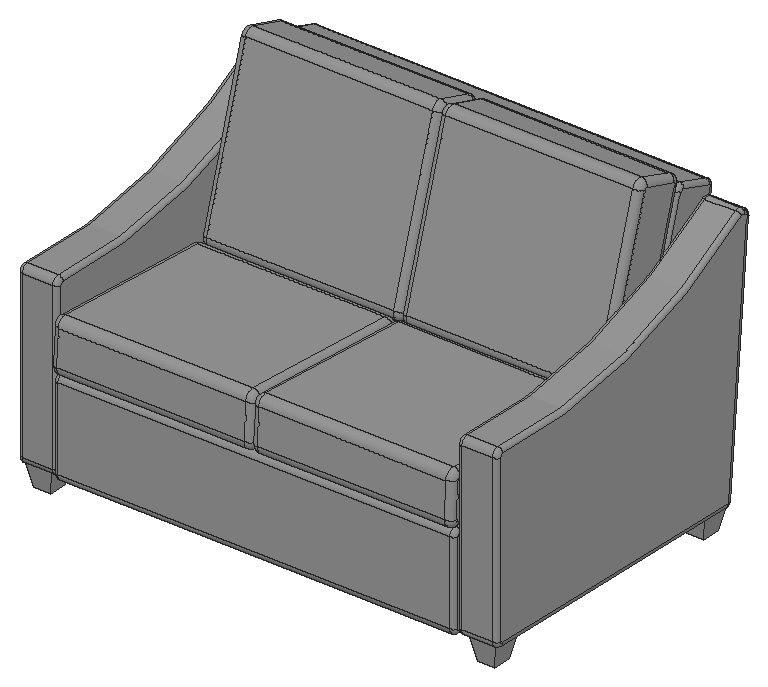
Revit family "Tiffen", category Furniture, Revit 2020
Family settings
  OmniClass Number = 23.40.20.00
  OmniClass Title = General Furniture and Specialties
  Work Plane-Based = No
  Always vertical = Yes
  Cut with Voids When Loaded = No
  Shared = No
  Room Calculation Point = No
Parameters (values of type "Loveseat")
  Seat Width = 46"
  Seat Depth = 21"
  Foot Finish [instance] = Wood (Oak)
  Default Elevation = 0"
  Cushion Width = 23"
  Cushion Fabric [instance] = Fabric
  Depth = 37"
  Cushion 2 = yes
  Base Fabric [instance] = Fabric
  Back Fabric [instance] = Fabric
  Arm Style = Tiffen Sloped Arm : Tiffen Sloped Arm
  Arm Fabric [instance] = Fabric
Types (3): name | Seat Width | Cushion 2 | Arm Style
  Chair-Sloped Arm | 23" | no | Tiffen Sloped Arm : Tiffen Sloped Arm
  Loveseat | 46" | yes | Tiffen Sloped Arm : Tiffen Sloped Arm
  Chair-Arched Arm | 23" | no | Tiffen Arched Arm : Tiffen Arched Arm
Reference planes (in)
  plane 1 "Center Front/Back": y = 0
  plane 2: z = 0
  plane 3 "Center Left/Right": x = 0
  plane 4: x = -10
  plane 5: x = 36
  plane 6: y = -10.5
  plane 7: y = 10.5
  plane 8 "A.F.F": z = 2.5
  plane 9: z = 13.5
  plane 10 "Seat Height": z = 19.5
  plane 11: y = 26.5
  plane 12: x = 40.5
  plane 13: x = -14.5
  plane 14 "Back Height": z = 38.5
  plane 15 "T.O. Arm": z = 26
Forms (in)
  Extrusion 1, solid, material "Fabric" <- "Base Fabric"
    sketch origin (0, 0, 0) x (0, 1, 0) y (0, 0, 1)
      loop
        line (9.78925, 12.43669) -> (-9.71075, 13.45864)
        arc (-9.71075, 13.45864) -> (-10.26627, 13.2537) -> (-10.5, 12.70966) r 0.75
        line (-10.5, 12.70966) -> (-10.5, 3.25)
        arc (-10.5, 3.25) -> (-10.28033, 2.71967) -> (-9.75, 2.5) r 0.75
        line (-9.75, 2.5) -> (9.75, 2.5)
        arc (9.75, 2.5) -> (10.28033, 2.71967) -> (10.5, 3.25) r 0.75
        line (10.5, 3.25) -> (10.5, 11.68771)
        arc (10.5, 11.68771) -> (10.29403, 12.20398) -> (9.78925, 12.43669) r 0.75
    from -10 to 36
  Sweep 2, void
    path in 3D
      loop
        arc (36, -9.71075, 13.45864) -> (36, -10.26627, 13.2537) -> (36, -10.5, 12.70966) r 0.75
        line (36, -10.5, 12.70966) -> (36, -10.5, 3.25)
        arc (36, -10.5, 3.25) -> (36, -10.28033, 2.71967) -> (36, -9.75, 2.5) r 0.75
        line (36, -9.75, 2.5) -> (36, 9.75, 2.5)
        arc (36, 9.75, 2.5) -> (36, 10.28033, 2.71967) -> (36, 10.5, 3.25) r 0.75
        line (36, 10.5, 3.25) -> (36, 10.5, 11.68771)
        arc (36, 10.5, 11.68771) -> (36, 10.29403, 12.20398) -> (36, 9.78925, 12.43669) r 0.75
        line (36, 9.78925, 12.43669) -> (36, -9.71075, 13.45864)
    profile "Profile_Parametric Radius : .5" radius" origin (36, 0.03925, 12.94766) x (0, -0.052336, -0.99863) y (1, 0, 0)
      loop
        line (0.5, 0) -> (0, 0) -> (0, -0.5)
        arc (0, -0.5) -> (0.14645, -0.14645) -> (0.5, 0) r 0.5
  Sweep 3, void
    path in 3D
      loop
        arc (-10, 9.78925, 12.43669) -> (-10, 10.29403, 12.20398) -> (-10, 10.5, 11.68771) r 0.75
        line (-10, 10.5, 11.68771) -> (-10, 10.5, 3.25)
        arc (-10, 10.5, 3.25) -> (-10, 10.28033, 2.71967) -> (-10, 9.75, 2.5) r 0.75
        line (-10, 9.75, 2.5) -> (-10, -9.75, 2.5)
        arc (-10, -9.75, 2.5) -> (-10, -10.28033, 2.71967) -> (-10, -10.5, 3.25) r 0.75
        line (-10, -10.5, 3.25) -> (-10, -10.5, 12.70966)
        arc (-10, -10.5, 12.70966) -> (-10, -10.26627, 13.2537) -> (-10, -9.71075, 13.45864) r 0.75
        line (-10, -9.71075, 13.45864) -> (-10, 9.78925, 12.43669)
    profile "Profile_Parametric Radius : .5" radius" origin (-10, 0.03925, 12.94766) x (0, -0.052336, -0.99863) y (-1, 0, 0)
      loop
        line (0.5, 0) -> (0, 0) -> (0, -0.5)
        arc (0, -0.5) -> (0.14645, -0.14645) -> (0.5, 0) r 0.5
  Extrusion 4, solid, material "Fabric" <- "Back Fabric"
    sketch origin (0, 0, 0) x (0, 1, 0) y (0, 0, 1)
      loop
        line (11.25, 2.5) -> (23.1086, 2.5)
        arc (23.1086, 2.5) -> (23.61324, 2.69517) -> (23.85524, 3.1791) r 0.75
        line (23.85524, 3.1791) -> (26.66966, 32.81601)
        arc (26.66966, 32.81601) -> (26.54635, 33.304) -> (26.1423, 33.60414) r 0.75
        line (26.1423, 33.60414) -> (22.49976, 34.71778)
        arc (22.49976, 34.71778) -> (21.92838, 34.66276) -> (21.56325, 34.21983) r 0.75
        line (21.56325, 34.21983) -> (16.14227, 16.4886)
        arc (16.14227, 16.4886) -> (15.77136, 16.04262) -> (15.19328, 15.99458) r 0.75
        line (15.19328, 15.99458) -> (11.80902, 17.0942)
        arc (11.80902, 17.0942) -> (10.91221, 16.95216) -> (10.5, 16.14314) r 1
        line (10.5, 16.14314) -> (10.5, 3.25)
        arc (10.5, 3.25) -> (10.71967, 2.71967) -> (11.25, 2.5) r 0.75
    from -10 to 36
  Sweep 5, void
    path in 3D
      loop
        arc (-10, 23.85524, 3.1791) -> (-10, 23.61324, 2.69517) -> (-10, 23.1086, 2.5) r 0.75
        line (-10, 23.1086, 2.5) -> (-10, 11.25, 2.5)
        arc (-10, 11.25, 2.5) -> (-10, 10.71967, 2.71967) -> (-10, 10.5, 3.25) r 0.75
        line (-10, 10.5, 3.25) -> (-10, 10.5, 16.14314)
        arc (-10, 10.5, 16.14314) -> (-10, 10.91221, 16.95216) -> (-10, 11.80902, 17.0942) r 1
        line (-10, 11.80902, 17.0942) -> (-10, 15.19328, 15.99458)
        arc (-10, 15.19328, 15.99458) -> (-10, 15.77136, 16.04262) -> (-10, 16.14227, 16.4886) r 0.75
        line (-10, 16.14227, 16.4886) -> (-10, 21.56325, 34.21983)
        arc (-10, 21.56325, 34.21983) -> (-10, 21.92838, 34.66276) -> (-10, 22.49976, 34.71778) r 0.75
        line (-10, 22.49976, 34.71778) -> (-10, 26.1423, 33.60414)
        arc (-10, 26.1423, 33.60414) -> (-10, 26.54635, 33.304) -> (-10, 26.66966, 32.81601) r 0.75
        line (-10, 26.66966, 32.81601) -> (-10, 23.85524, 3.1791)
    profile "Profile_Parametric Radius : .5" radius" origin (-10, 25.26245, 17.99755) x (0, -0.995521, 0.094538) y (-1, 0, 0)
      loop
        line (0.5, 0) -> (0, 0) -> (0, -0.5)
        arc (0, -0.5) -> (0.14645, -0.14645) -> (0.5, 0) r 0.5
  Sweep 6, void
    path in 3D
      loop
        arc (36, 22.49976, 34.71778) -> (36, 21.92838, 34.66276) -> (36, 21.56325, 34.21983) r 0.75
        line (36, 21.56325, 34.21983) -> (36, 16.14227, 16.4886)
        arc (36, 16.14227, 16.4886) -> (36, 15.77136, 16.04262) -> (36, 15.19328, 15.99458) r 0.75
        line (36, 15.19328, 15.99458) -> (36, 11.80902, 17.0942)
        arc (36, 11.80902, 17.0942) -> (36, 10.91221, 16.95216) -> (36, 10.5, 16.14314) r 1
        line (36, 10.5, 16.14314) -> (36, 10.5, 3.25)
        arc (36, 10.5, 3.25) -> (36, 10.71967, 2.71967) -> (36, 11.25, 2.5) r 0.75
        line (36, 11.25, 2.5) -> (36, 23.1086, 2.5)
        arc (36, 23.1086, 2.5) -> (36, 23.61324, 2.69517) -> (36, 23.85524, 3.1791) r 0.75
        line (36, 23.85524, 3.1791) -> (36, 26.66966, 32.81601)
        arc (36, 26.66966, 32.81601) -> (36, 26.54635, 33.304) -> (36, 26.1423, 33.60414) r 0.75
        line (36, 26.1423, 33.60414) -> (36, 22.49976, 34.71778)
    profile "Profile_Parametric Radius : .5" radius" origin (36, 24.32103, 34.16096) x (0, -0.292372, -0.956305) y (1, 0, 0)
      loop
        line (0.5, 0) -> (0, 0) -> (0, -0.5)
        arc (0, -0.5) -> (0.14645, -0.14645) -> (0.5, 0) r 0.5
Cuts and joins
  Sweep 2, Sweep 3 cuts Extrusion 1
  Sweep 5, Sweep 6 cuts Extrusion 4
Lines and regions (in)
  sketch lines
    curve 1: line (36, 9.78925, 12.43669) -> (36, -9.71075, 13.45864)
    curve 2: arc (36, -10.5, 12.70966) -> (36, -10.26627, 13.2537) -> (36, -9.71075, 13.45864) r 0.75
    curve 3: line (36, -10.5, 12.70966) -> (36, -10.5, 3.25)
    curve 4: arc (36, -9.75, 2.5) -> (36, -10.28033, 2.71967) -> (36, -10.5, 3.25) r 0.75
    curve 5: line (36, -9.75, 2.5) -> (36, 9.75, 2.5)
    curve 6: arc (36, 10.5, 3.25) -> (36, 10.28033, 2.71967) -> (36, 9.75, 2.5) r 0.75
    curve 7: line (36, 10.5, 3.25) -> (36, 10.5, 11.68771)
    curve 8: arc (36, 9.78925, 12.43669) -> (36, 10.29403, 12.20398) -> (36, 10.5, 11.68771) r 0.75
    curve 9: line (-10, -9.71075, 13.45864) -> (-10, 9.78925, 12.43669)
    curve 10: arc (-10, -9.71075, 13.45864) -> (-10, -10.26627, 13.2537) -> (-10, -10.5, 12.70966) r 0.75
    curve 11: line (-10, -10.5, 3.25) -> (-10, -10.5, 12.70966)
    curve 12: arc (-10, -10.5, 3.25) -> (-10, -10.28033, 2.71967) -> (-10, -9.75, 2.5) r 0.75
    curve 13: line (-10, 9.75, 2.5) -> (-10, -9.75, 2.5)
    curve 14: arc (-10, 9.75, 2.5) -> (-10, 10.28033, 2.71967) -> (-10, 10.5, 3.25) r 0.75
    curve 15: line (-10, 10.5, 11.68771) -> (-10, 10.5, 3.25)
    curve 16: arc (-10, 10.5, 11.68771) -> (-10, 10.29403, 12.20398) -> (-10, 9.78925, 12.43669) r 0.75
    curve 17: line (-10, 26.66966, 32.81601) -> (-10, 23.85524, 3.1791)
    curve 18: arc (-10, 26.66966, 32.81601) -> (-10, 26.54635, 33.304) -> (-10, 26.1423, 33.60414) r 0.75
    curve 19: line (-10, 22.49976, 34.71778) -> (-10, 26.1423, 33.60414)
    curve 20: arc (-10, 22.49976, 34.71778) -> (-10, 21.92838, 34.66276) -> (-10, 21.56325, 34.21983) r 0.75
    curve 21: line (-10, 16.14227, 16.4886) -> (-10, 21.56325, 34.21983)
    curve 22: arc (-10, 16.14227, 16.4886) -> (-10, 15.77136, 16.04262) -> (-10, 15.19328, 15.99458) r 0.75
    curve 23: line (-10, 11.80902, 17.0942) -> (-10, 15.19328, 15.99458)
    curve 24: arc (-10, 11.80902, 17.0942) -> (-10, 10.91221, 16.95216) -> (-10, 10.5, 16.14314) r 1
    curve 25: line (-10, 10.5, 3.25) -> (-10, 10.5, 16.14314)
    curve 26: arc (-10, 10.5, 3.25) -> (-10, 10.71967, 2.71967) -> (-10, 11.25, 2.5) r 0.75
    curve 27: line (-10, 23.1086, 2.5) -> (-10, 11.25, 2.5)
    curve 28: arc (-10, 23.1086, 2.5) -> (-10, 23.61324, 2.69517) -> (-10, 23.85524, 3.1791) r 0.75
    curve 29: line (36, 26.1423, 33.60414) -> (36, 22.49976, 34.71778)
    curve 30: arc (36, 26.1423, 33.60414) -> (36, 26.54635, 33.304) -> (36, 26.66966, 32.81601) r 0.75
    curve 31: line (36, 23.85524, 3.1791) -> (36, 26.66966, 32.81601)
    curve 32: arc (36, 23.85524, 3.1791) -> (36, 23.61324, 2.69517) -> (36, 23.1086, 2.5) r 0.75
    curve 33: line (36, 11.25, 2.5) -> (36, 23.1086, 2.5)
    curve 34: arc (36, 11.25, 2.5) -> (36, 10.71967, 2.71967) -> (36, 10.5, 3.25) r 0.75
    curve 35: line (36, 10.5, 16.14314) -> (36, 10.5, 3.25)
    curve 36: arc (36, 10.5, 16.14314) -> (36, 10.91221, 16.95216) -> (36, 11.80902, 17.0942) r 1
    curve 37: line (36, 15.19328, 15.99458) -> (36, 11.80902, 17.0942)
    curve 38: arc (36, 15.19328, 15.99458) -> (36, 15.77136, 16.04262) -> (36, 16.14227, 16.4886) r 0.75
    curve 39: line (36, 21.56325, 34.21983) -> (36, 16.14227, 16.4886)
    curve 40: arc (36, 21.56325, 34.21983) -> (36, 21.92838, 34.66276) -> (36, 22.49976, 34.71778) r 0.75
Dimensions and locks (in)
  equal spacing: plane 7, plane 1 "Center Front/Back", plane 6
  "Seat Depth": plane 7 to plane 6
  plane 8 "A.F.F" to plane 2 = 2 1/2"
  plane 14 "Back Height" to plane 2 = 38 1/2"
  plane 10 "Seat Height" to plane 2 = 19 1/2"
  plane 15 "T.O. Arm" to plane 2 = 26"  (x2)
  locked: plane 13 to plane 4 at 4.5
  locked: plane 5 to plane 12 at 4.5
  "Seat Width": plane 4 to plane 5
  locked: plane 11 to nested 2 at 4.5
  locked: plane 11 to nested 5 at 4.5
  locked: plane 13 to nested 3 at 2
  locked: plane 13 to nested 2 at 2
  locked: nested 5 to plane 12 at 2
  locked: nested 4 to plane 12 at 2
  plane 11 to plane 6 = 37"
  aligned and locked: level to plane 2
  aligned and locked: plane 5 to Extrusion 1
  aligned and locked: Extrusion 1 to plane 4
  aligned and locked: plane 5 to Extrusion 4
  aligned and locked: Extrusion 4 to plane 4
  aligned and locked: plane 5 to nested 6
Automatic sketch dimensions
  Extrusion 1 sketch curve to plane 6 = 0"
  Extrusion 1 sketch curve to plane 8 "A.F.F" = 0"
  Extrusion 1 sketch curve to plane 7 = 0"
  plane 6 to Extrusion 1 sketch curve = 3/4"
  Extrusion 1 sketch curve to Extrusion 1 sketch curve = 3/4"  (x3)
  Extrusion 1 sketch curve to plane 9 = 0.04136"
  Extrusion 1 sketch curve to Extrusion 1 sketch curve = 0.03925"
  Extrusion 1 sketch curve to plane 7 = 0.71075"
  Extrusion 1 sketch curve to plane 9 = 1.81229"
  Extrusion 4 sketch curve to plane 7 = 0"
  Extrusion 4 sketch curve to plane 8 "A.F.F" = 0"
  plane 7 to Extrusion 4 sketch curve = 3/4"
  plane 7 to Extrusion 4 sketch curve = 1"
  Extrusion 4 sketch curve to Extrusion 4 sketch curve = 0.30902"
  Extrusion 4 sketch curve to Extrusion 4 sketch curve = 3.38427"
  Extrusion 4 sketch curve to Extrusion 4 sketch curve = 0.23176"
  plane 9 to Extrusion 4 sketch curve = 2.9886"
  Extrusion 4 sketch curve to Extrusion 4 sketch curve = 0.71723"  (x2)
  Extrusion 4 sketch curve to plane 11 = 4.93675"
  Extrusion 4 sketch curve to Extrusion 4 sketch curve = 0.21928"  (x2)
  plane 8 "A.F.F" to Extrusion 4 sketch curve = 3/4"
  Extrusion 4 sketch curve to plane 11 = 3.3914"
  plane 8 "A.F.F" to Extrusion 4 sketch curve = 0.6791"
  Extrusion 4 sketch curve to plane 11 = 0.57698"
  Extrusion 4 sketch curve to plane 11 = 0.3577"
  plane 11 to Extrusion 4 sketch curve = 0.16966"
  Extrusion 4 sketch curve to Extrusion 4 sketch curve = 0.49401"
  plane 9 to Extrusion 4 sketch curve = 2.64314"
  Extrusion 4 sketch curve to plane 14 "Back Height" = 5.68399"
  Extrusion 4 sketch curve to Extrusion 4 sketch curve = 0.0709"
  Extrusion 4 sketch curve to Extrusion 4 sketch curve = 1.11363"
Nested families (in)
  nested 1: "Tiffen Cushion" at (1.5, 0, 0), Unit Width <- "Cushion Width", Cushion Fabric <- "Cushion Fabric", type "Single Seat"
    with Unit Width 23", Cushion Fabric Fabric, Seat Depth 22"
  nested 2: "TF10" at (-12.5, 22, 0), Nested Leg Material 1 <- "Foot Finish", type "TF10"
  nested 3: "TF10" at (-12.5, -8, 0), Nested Leg Material 1 <- "Foot Finish", type "TF10"
  nested 4: "TF10" at (38.5, -8, 0), Nested Leg Material 1 <- "Foot Finish", type "TF10"
  nested 5: "TF10" at (38.5, 22, 0), Nested Leg Material 1 <- "Foot Finish", type "TF10"
  nested 6: "Tiffen Sloped Arm" at (25, 0, 0), Nested Arm Fabric <- "Arm Fabric", type <- "Arm Style", type "Tiffen Sloped Arm"
    with Nested Arm Fabric Fabric
  nested 7: "Tiffen Sloped Arm" at (-25.5, 0, 0), Nested Arm Fabric <- "Arm Fabric", type <- "Arm Style", type "Tiffen Sloped Arm"
    with Nested Arm Fabric Fabric
  nested 8: "Tiffen Cushion" at (24.5, 0, 0), Unit Width <- "Cushion Width", Cushion Fabric <- "Cushion Fabric", visible <- "Cushion 2", type "Single Seat"
    with Unit Width 23", Cushion Fabric Fabric, Seat Depth 22"
  nested 9: "Tiffen Back Cushion" at (24.5, 10.5, 0), Unit Width <- "Cushion Width", Cushion Fabric <- "Cushion Fabric", visible <- "Cushion 2", type "Single Seat"
    with Unit Width 23", Cushion Fabric Fabric
  nested 10: "Tiffen Back Cushion" at (1.5, 10.5, 0), Cushion Fabric <- "Cushion Fabric", Unit Width <- "Cushion Width", type "Single Seat"
    with Unit Width 23", Cushion Fabric Fabric
Definition of nested family "Tiffen Cushion"
  Parameters (values of type "Single Seat")
    Unit Width [instance] = 23"
    Seat Height = 19 1/2"
    Seat Depth = 21"
    Default Elevation = 0"
    Cushion Fabric [instance] = none
    Description = "Ridge S1 Unit 28\""
  Reference planes (in)
    plane 1 "Center Front/Back": y = 0
    plane 2: z = 0
    plane 3 "Center Left/Right": x = 0
    plane 4: x = 11.5
    plane 5: x = -11.5
    plane 6: y = 10.5
    plane 7: y = -10.5
    plane 8 "Seat Height": z = 19.5
    plane 9: z = 1.5
    plane 10: y = 23.5
    plane 11: z = 33
  Forms (in)
    Extrusion 1, solid, material <- "Cushion Fabric"
      sketch origin (0, -0.72035, -0.48572) x (0, 0.99863, -0.052336) y (0, 0.052336, 0.99863)
        loop
          arc (-9.5, 19.5) -> (-10.20711, 19.20711) -> (-10.5, 18.5) r 1
          line (-10.5, 18.5) -> (-10.5, 14.5)
          arc (-10.5, 14.5) -> (-10.20711, 13.79289) -> (-9.5, 13.5) r 1
          line (-9.5, 13.5) -> (9.5, 13.5)
          arc (9.5, 13.5) -> (10.20711, 13.79289) -> (10.5, 14.5) r 1
          line (10.5, 14.5) -> (10.5, 18.5)
          arc (10.5, 18.5) -> (10.20711, 19.20711) -> (9.5, 19.5) r 1
          line (9.5, 19.5) -> (-9.5, 19.5)
      from 11.5 to -11.5
    Sweep 2, void
      path in 3D
        loop
          arc (11.5, -9.18678, 19.48475) -> (11.5, -9.90825, 19.22927) -> (11.5, -10.23775, 18.53846) r 1
          line (11.5, -10.23775, 18.53846) -> (11.5, -10.44709, 14.54394)
          arc (11.5, -10.44709, 14.54394) -> (11.5, -10.19161, 13.82247) -> (11.5, -9.5008, 13.49297) r 1
          line (11.5, -9.5008, 13.49297) -> (11.5, 9.47316, 12.49859)
          arc (11.5, 9.47316, 12.49859) -> (11.5, 10.19463, 12.75407) -> (11.5, 10.52413, 13.44488) r 1
          line (11.5, 10.52413, 13.44488) -> (11.5, 10.73347, 17.4394)
          arc (11.5, 10.73347, 17.4394) -> (11.5, 10.47799, 18.16087) -> (11.5, 9.78718, 18.49037) r 1
          line (11.5, 9.78718, 18.49037) -> (11.5, -9.18678, 19.48475)
      profile "Profile_Parametric Radius : 3/4" radius" origin (11.5, 0.3002, 18.98756) x (1, 0, 0) y (0, 0.052336, 0.99863)
        loop
          arc (-0.75, 0) -> (-0.21967, -0.21967) -> (0, -0.75) r 0.75
          line (0, -0.75) -> (0, 0) -> (-0.75, 0)
    Sweep 3, void
      path in 3D
        loop
          arc (-11.5, 9.78718, 18.49037) -> (-11.5, 10.47799, 18.16087) -> (-11.5, 10.73347, 17.4394) r 1
          line (-11.5, 10.73347, 17.4394) -> (-11.5, 10.52413, 13.44488)
          arc (-11.5, 10.52413, 13.44488) -> (-11.5, 10.19463, 12.75407) -> (-11.5, 9.47316, 12.49859) r 1
          line (-11.5, 9.47316, 12.49859) -> (-11.5, -9.5008, 13.49297)
          arc (-11.5, -9.5008, 13.49297) -> (-11.5, -10.19161, 13.82247) -> (-11.5, -10.44709, 14.54394) r 1
          line (-11.5, -10.44709, 14.54394) -> (-11.5, -10.23775, 18.53846)
          arc (-11.5, -10.23775, 18.53846) -> (-11.5, -9.90825, 19.22927) -> (-11.5, -9.18678, 19.48475) r 1
          line (-11.5, -9.18678, 19.48475) -> (-11.5, 9.78718, 18.49037)
      profile "Profile_Parametric Radius : 3/4" radius" origin (-11.5, 0.3002, 18.98756) x (-1, 0, 0) y (0, 0.052336, 0.99863)
        loop
          arc (-0.75, 0) -> (-0.21967, -0.21967) -> (0, -0.75) r 0.75
          line (0, -0.75) -> (0, 0) -> (-0.75, 0)
  Cuts and joins
    Sweep 2, Sweep 3 cuts Extrusion 1
  Lines and regions (in)
    sketch lines
      curve 1: line (11.5, 9.78718, 18.49037) -> (11.5, -9.18678, 19.48475)
      curve 2: arc (11.5, -10.23775, 18.53846) -> (11.5, -9.90825, 19.22927) -> (11.5, -9.18678, 19.48475) r 1
      curve 3: line (11.5, -10.23775, 18.53846) -> (11.5, -10.44709, 14.54394)
      curve 4: arc (11.5, -9.5008, 13.49297) -> (11.5, -10.19161, 13.82247) -> (11.5, -10.44709, 14.54394) r 1
      curve 5: line (11.5, -9.5008, 13.49297) -> (11.5, 9.47316, 12.49859)
      curve 6: arc (11.5, 10.52413, 13.44488) -> (11.5, 10.19463, 12.75407) -> (11.5, 9.47316, 12.49859) r 1
      curve 7: line (11.5, 10.52413, 13.44488) -> (11.5, 10.73347, 17.4394)
      curve 8: arc (11.5, 9.78718, 18.49037) -> (11.5, 10.47799, 18.16087) -> (11.5, 10.73347, 17.4394) r 1
      curve 9: line (-11.5, -9.18678, 19.48475) -> (-11.5, 9.78718, 18.49037)
      curve 10: arc (-11.5, 10.73347, 17.4394) -> (-11.5, 10.47799, 18.16087) -> (-11.5, 9.78718, 18.49037) r 1
      curve 11: line (-11.5, 10.73347, 17.4394) -> (-11.5, 10.52413, 13.44488)
      curve 12: arc (-11.5, 9.47316, 12.49859) -> (-11.5, 10.19463, 12.75407) -> (-11.5, 10.52413, 13.44488) r 1
      curve 13: line (-11.5, 9.47316, 12.49859) -> (-11.5, -9.5008, 13.49297)
      curve 14: arc (-11.5, -10.44709, 14.54394) -> (-11.5, -10.19161, 13.82247) -> (-11.5, -9.5008, 13.49297) r 1
      curve 15: line (-11.5, -10.44709, 14.54394) -> (-11.5, -10.23775, 18.53846)
      curve 16: arc (-11.5, -9.18678, 19.48475) -> (-11.5, -9.90825, 19.22927) -> (-11.5, -10.23775, 18.53846) r 1
  Dimensions and locks (in)
    equal spacing: plane 6, plane 1 "Center Front/Back", plane 7
    "Unit Width": plane 5 to plane 4
    "Seat Depth": plane 6 to plane 7
    "Seat Height": plane 8 "Seat Height" to plane 2
    plane 9 to plane 2 = 1 1/2"
    plane 10 to plane 7 = 34"
    plane 11 to plane 2 = 33"
    equal spacing: plane 5, plane 3 "Center Left/Right", plane 4
    aligned and locked: level to plane 2
    aligned and locked: plane 4 to Extrusion 1
    aligned and locked: Extrusion 1 to plane 5
  Automatic sketch dimensions
    plane 7 to Extrusion 1 sketch curve = 0.05291"
    Extrusion 1 sketch curve to plane 8 "Seat Height" = 4.95606"
    Extrusion 1 sketch curve to Extrusion 1 sketch curve = 1"  (x3)
    Extrusion 1 sketch curve to Extrusion 1 sketch curve = 19"
    Extrusion 1 sketch curve to Extrusion 1 sketch curve = 0"
    Extrusion 1 sketch curve to Extrusion 1 sketch curve = 4"
Definition of nested family "TF10"
  Parameters (values of type "TF10")
    Nested Leg Material 1 [instance] = none
    Foot Top Width = 3"
    Foot Bottom Width = Foot Top Width - 1"  # 2"
    Default Elevation = 0"
  Reference planes (in)
    plane 1 "Center Front/Back": y = 0
    plane 2: z = 0
    plane 3 "Center Left/Right": x = 0
    plane 4: x = -1
    plane 5: x = 1
    plane 6: y = 1
    plane 7: y = -1
    plane 8: z = 2.5
    plane 9: y = 1.5
    plane 10: x = 1.5
    plane 11: y = -1.5
    plane 12: x = -1.5
  Forms (in)
    Blend 1, solid, material <- "Nested Leg Material 1"
      base sketch origin (0, 0, 0) x (1, 0, 0) y (0, 1, 0)
        loop
          line (-1, 1) -> (-1, -1) -> (1, -1) -> (1, 1) -> (-1, 1)
      top sketch origin (0, 0, 0) x (1, 0, 0) y (0, 1, 0)
        loop
          line (-1.5, 1.5) -> (-1.5, -1.5) -> (1.5, -1.5) -> (1.5, 1.5) -> (-1.5, 1.5)
      from 0 to 2.5
  Dimensions and locks (in)
    equal spacing: plane 4, plane 3 "Center Left/Right", plane 5
    "Foot Bottom Width": plane 4 to plane 5
    equal spacing: plane 6, plane 1 "Center Front/Back", plane 7
    "Foot Bottom Width": plane 6 to plane 7
    plane 8 to plane 2 = 2 1/2"
    equal spacing: plane 9, plane 1 "Center Front/Back", plane 11
    "Foot Top Width": plane 11 to plane 9
    equal spacing: plane 12, plane 3 "Center Left/Right", plane 10
    "Foot Top Width": plane 12 to plane 10
    aligned and locked: level to plane 2
    aligned and locked: Blend 1 sketch curve to plane 6
    aligned and locked: plane 4 to Blend 1 sketch curve
    aligned and locked: plane 7 to Blend 1 sketch curve
    aligned and locked: Blend 1 sketch curve to plane 5
    aligned and locked: Blend 1 sketch curve to plane 9
    aligned and locked: plane 12 to Blend 1 sketch curve
    aligned and locked: Blend 1 sketch curve to plane 11
    aligned and locked: Blend 1 sketch curve to plane 10
    aligned and locked: plane 8 to Blend 1
Definition of nested family "Tiffen Sloped Arm"
  Parameters (values of type "Tiffen Sloped Arm")
    Default Elevation = 0"
    Arm Width = 4 1/2"
    Nested Arm Fabric [instance] = none
    Arm Depth = 37"
  Reference planes (in)
    plane 1 "Center Front/Back": y = 0
    plane 2: z = 0
    plane 3: x = 11
    plane 4 "A.F.F": z = 2.5
    plane 5: y = 27
    plane 6 "T.O. Arm": z = 23
    plane 7: x = 15.5
    plane 8: y = -10
  Forms (in)
    Extrusion 1, solid, material <- "Nested Arm Fabric"
      sketch origin (0, 0, 0) x (0, 1, 0) y (0, 0, 1)
        loop
          line (-9.25, 2.5) -> (23.0321, 2.5)
          arc (23.0321, 2.5) -> (23.53708, 2.69548) -> (23.77883, 3.18001) r 0.75
          line (23.77883, 3.18001) -> (26.41991, 31.35771)
          arc (26.41991, 31.35771) -> (26.33943, 31.7721) -> (26.04789, 32.07739) r 0.75
          line (26.04789, 32.07739) -> (25.69843, 32.27894)
          arc (25.69843, 32.27894) -> (25.29157, 32.37856) -> (24.89474, 32.24444) r 0.75
          arc (24.89474, 32.24444) -> (8.65534, 24.64293) -> (-9.19335, 22.93266) r 52.64381
          arc (-9.19335, 22.93266) -> (-9.75991, 22.73479) -> (-10, 22.1848) r 0.75
          line (-10, 22.1848) -> (-10, 3.25)
          arc (-10, 3.25) -> (-9.78033, 2.71967) -> (-9.25, 2.5) r 0.75
      from 11 to 15.5
    Sweep 2, void
      path in 3D
        loop
          arc (15.5, 24.89474, 32.24444) -> (15.5, 25.29157, 32.37856) -> (15.5, 25.69843, 32.27894) r 0.75
          line (15.5, 25.69843, 32.27894) -> (15.5, 26.04789, 32.07739)
          arc (15.5, 26.04789, 32.07739) -> (15.5, 26.33943, 31.7721) -> (15.5, 26.41991, 31.35771) r 0.75
          line (15.5, 26.41991, 31.35771) -> (15.5, 23.77883, 3.18001)
          arc (15.5, 23.77883, 3.18001) -> (15.5, 23.53708, 2.69548) -> (15.5, 23.0321, 2.5) r 0.75
          line (15.5, 23.0321, 2.5) -> (15.5, -9.25, 2.5)
          arc (15.5, -9.25, 2.5) -> (15.5, -9.78033, 2.71967) -> (15.5, -10, 3.25) r 0.75
          line (15.5, -10, 3.25) -> (15.5, -10, 22.1848)
          arc (15.5, -10, 22.1848) -> (15.5, -9.75991, 22.73479) -> (15.5, -9.19335, 22.93266) r 0.75
          arc (15.5, -9.19335, 22.93266) -> (15.5, 8.65534, 24.64293) -> (15.5, 24.89474, 32.24444) r 52.64381
      profile "Profile_Parametric Radius : .5" radius" origin (15.5, 8.65534, 24.64293) x (0, -0.263513, 0.964656) y (1, 0, 0)
        loop
          arc (-0.5, 0) -> (-0.14645, -0.14645) -> (0, -0.5) r 0.5
          line (0, -0.5) -> (0, 0) -> (-0.5, 0)
    Sweep 3, void
      path in 3D
        loop
          arc (11, -9.19335, 22.93266) -> (11, -9.75991, 22.73479) -> (11, -10, 22.1848) r 0.75
          line (11, -10, 22.1848) -> (11, -10, 3.25)
          arc (11, -10, 3.25) -> (11, -9.78033, 2.71967) -> (11, -9.25, 2.5) r 0.75
          line (11, -9.25, 2.5) -> (11, 23.0321, 2.5)
          arc (11, 23.0321, 2.5) -> (11, 23.53708, 2.69548) -> (11, 23.77883, 3.18001) r 0.75
          line (11, 23.77883, 3.18001) -> (11, 26.41991, 31.35771)
          arc (11, 26.41991, 31.35771) -> (11, 26.33943, 31.7721) -> (11, 26.04789, 32.07739) r 0.75
          line (11, 26.04789, 32.07739) -> (11, 25.69843, 32.27894)
          arc (11, 25.69843, 32.27894) -> (11, 25.29157, 32.37856) -> (11, 24.89474, 32.24444) r 0.75
          arc (11, 24.89474, 32.24444) -> (11, 8.65534, 24.64293) -> (11, -9.19335, 22.93266) r 52.64381
      profile "Profile_Parametric Radius : .5" radius" origin (11, 8.65534, 24.64293) x (0, -0.263513, 0.964656) y (-1, 0, 0)
        loop
          arc (-0.5, 0) -> (-0.14645, -0.14645) -> (0, -0.5) r 0.5
          line (0, -0.5) -> (0, 0) -> (-0.5, 0)
  Cuts and joins
    Sweep 2, Sweep 3 cuts Extrusion 1
  Lines and regions (in)
    sketch lines
      curve 1: arc (15.5, -9.19335, 22.93266) -> (15.5, 8.65534, 24.64293) -> (15.5, 24.89474, 32.24444) r 52.64381
      curve 2: arc (15.5, -10, 22.1848) -> (15.5, -9.75991, 22.73479) -> (15.5, -9.19335, 22.93266) r 0.75
      curve 3: line (15.5, -10, 22.1848) -> (15.5, -10, 3.25)
      curve 4: arc (15.5, -9.25, 2.5) -> (15.5, -9.78033, 2.71967) -> (15.5, -10, 3.25) r 0.75
      curve 5: line (15.5, -9.25, 2.5) -> (15.5, 23.0321, 2.5)
      curve 6: arc (15.5, 23.77883, 3.18001) -> (15.5, 23.53708, 2.69548) -> (15.5, 23.0321, 2.5) r 0.75
      curve 7: line (15.5, 23.77883, 3.18001) -> (15.5, 26.41991, 31.35771)
      curve 8: arc (15.5, 26.04789, 32.07739) -> (15.5, 26.33943, 31.7721) -> (15.5, 26.41991, 31.35771) r 0.75
      curve 9: line (15.5, 26.04789, 32.07739) -> (15.5, 25.69843, 32.27894)
      curve 10: arc (15.5, 24.89474, 32.24444) -> (15.5, 25.29157, 32.37856) -> (15.5, 25.69843, 32.27894) r 0.75
      curve 11: arc (11, 24.89474, 32.24444) -> (11, 8.65534, 24.64293) -> (11, -9.19335, 22.93266) r 52.64381
      curve 12: line (11, 26.41991, 31.35771) -> (11, 23.77883, 3.18001)
      curve 13: arc (11, 23.0321, 2.5) -> (11, 23.53708, 2.69548) -> (11, 23.77883, 3.18001) r 0.75
      curve 14: line (11, 23.0321, 2.5) -> (11, -9.25, 2.5)
      curve 15: arc (11, -10, 3.25) -> (11, -9.78033, 2.71967) -> (11, -9.25, 2.5) r 0.75
      curve 16: line (11, -10, 3.25) -> (11, -10, 22.1848)
      curve 17: arc (11, -9.19335, 22.93266) -> (11, -9.75991, 22.73479) -> (11, -10, 22.1848) r 0.75
      curve 18: arc (11, 26.41991, 31.35771) -> (11, 26.33943, 31.7721) -> (11, 26.04789, 32.07739) r 0.75
      curve 19: line (11, 25.69843, 32.27894) -> (11, 26.04789, 32.07739)
      curve 20: arc (11, 25.69843, 32.27894) -> (11, 25.29157, 32.37856) -> (11, 24.89474, 32.24444) r 0.75
  Dimensions and locks (in)
    plane 4 "A.F.F" to plane 2 = 2 1/2"
    plane 6 "T.O. Arm" to plane 2 = 23"  (x2)
    "Arm Width": plane 3 to plane 7
    "Arm Depth": plane 5 to plane 8
    plane 1 "Center Front/Back" to plane 8 = 10"
    aligned and locked: level to plane 2
    aligned and locked: plane 7 to Extrusion 1
    aligned and locked: Extrusion 1 to plane 3
  Automatic sketch dimensions
    Extrusion 1 sketch curve to plane 8 = 0"
    Extrusion 1 sketch curve to plane 4 "A.F.F" = 0"
    plane 8 to Extrusion 1 sketch curve = 3/4"  (x2)
    plane 8 to Extrusion 1 sketch curve = 4.78299"
    Extrusion 1 sketch curve to plane 5 = 3.9679"
    plane 4 "A.F.F" to Extrusion 1 sketch curve = 0.68001"
    Extrusion 1 sketch curve to Extrusion 1 sketch curve = 0.74673"
    Extrusion 1 sketch curve to Extrusion 1 sketch curve = 0.34946"  (x2)
    Extrusion 1 sketch curve to Extrusion 1 sketch curve = 0.37471"
    Extrusion 1 sketch curve to plane 5 = 0.58009"
    Extrusion 1 sketch curve to plane 6 "T.O. Arm" = 0.8152"
    plane 6 "T.O. Arm" to Extrusion 1 sketch curve = 8.35771"
    Extrusion 1 sketch curve to Extrusion 1 sketch curve = 0.06999"
    Extrusion 1 sketch curve to Extrusion 1 sketch curve = 0.20155"  (x2)
    Extrusion 1 sketch curve to Extrusion 1 sketch curve = 0.64969"
    plane 6 "T.O. Arm" to Extrusion 1 sketch curve = 52.42608"
    Extrusion 1 sketch curve to Extrusion 1 sketch curve = 0"
Definition of nested family "Tiffen Back Cushion"
  Parameters (values of type "Single Seat")
    Unit Width [instance] = 23"
    Seat Height = 19 1/2"
    Seat Depth = 21"
    Default Elevation = 0"
    Cushion Fabric [instance] = none
    Description = "Ridge S1 Unit 28\""
  Reference planes (in)
    plane 1 "Center Front/Back": y = 0
    plane 2: z = 0
    plane 3 "Center Left/Right": x = 0
    plane 4: x = 11.5
    plane 5: x = -11.5
    plane 6: y = 10.5
    plane 7: y = -10.5
    plane 8 "Seat Height": z = 19.5
    plane 9: z = 1.5
    plane 10: y = 23.5
    plane 11: z = 33
  Forms (in)
    Extrusion 1, solid, material <- "Cushion Fabric"
      sketch origin (0, 21.45101, 21.94174) x (0, 0.292372, 0.956305) y (0, -0.956305, 0.292372)
        loop
          arc (-9.5, 19.5) -> (-10.20711, 19.20711) -> (-10.5, 18.5) r 1
          line (-10.5, 18.5) -> (-10.5, 14.5)
          arc (-10.5, 14.5) -> (-10.20711, 13.79289) -> (-9.5, 13.5) r 1
          line (-9.5, 13.5) -> (9.5, 13.5)
          arc (9.5, 13.5) -> (10.20711, 13.79289) -> (10.5, 14.5) r 1
          line (10.5, 14.5) -> (10.5, 18.5)
          arc (10.5, 18.5) -> (10.20711, 19.20711) -> (9.5, 19.5) r 1
          line (9.5, 19.5) -> (-9.5, 19.5)
      from 11.5 to -11.5
    Sweep 2, void
      path in 3D
        loop
          arc (11.5, 0.02553, 18.55809) -> (11.5, 0.09889, 17.79625) -> (11.5, 0.68946, 17.30941) r 1
          line (11.5, 0.68946, 17.30941) -> (11.5, 4.51468, 16.13993)
          arc (11.5, 4.51468, 16.13993) -> (11.5, 5.27653, 16.21328) -> (11.5, 5.76336, 16.80386) r 1
          line (11.5, 5.76336, 16.80386) -> (11.5, 11.31842, 34.97365)
          arc (11.5, 11.31842, 34.97365) -> (11.5, 11.24507, 35.73549) -> (11.5, 10.65449, 36.22233) r 1
          line (11.5, 10.65449, 36.22233) -> (11.5, 6.82927, 37.39181)
          arc (11.5, 6.82927, 37.39181) -> (11.5, 6.06743, 37.31846) -> (11.5, 5.58059, 36.72788) r 1
          line (11.5, 5.58059, 36.72788) -> (11.5, 0.02553, 18.55809)
      profile "Profile_Parametric Radius : 3/4" radius" origin (11.5, 2.80306, 27.64299) x (1, 0, 0) y (0, -0.956305, 0.292372)
        loop
          arc (-0.75, 0) -> (-0.21967, -0.21967) -> (0, -0.75) r 0.75
          line (0, -0.75) -> (0, 0) -> (-0.75, 0)
    Sweep 3, void
      path in 3D
        loop
          arc (-11.5, 5.58059, 36.72788) -> (-11.5, 6.06743, 37.31846) -> (-11.5, 6.82927, 37.39181) r 1
          line (-11.5, 6.82927, 37.39181) -> (-11.5, 10.65449, 36.22233)
          arc (-11.5, 10.65449, 36.22233) -> (-11.5, 11.24507, 35.73549) -> (-11.5, 11.31842, 34.97365) r 1
          line (-11.5, 11.31842, 34.97365) -> (-11.5, 5.76336, 16.80386)
          arc (-11.5, 5.76336, 16.80386) -> (-11.5, 5.27653, 16.21328) -> (-11.5, 4.51468, 16.13993) r 1
          line (-11.5, 4.51468, 16.13993) -> (-11.5, 0.68946, 17.30941)
          arc (-11.5, 0.68946, 17.30941) -> (-11.5, 0.09889, 17.79625) -> (-11.5, 0.02553, 18.55809) r 1
          line (-11.5, 0.02553, 18.55809) -> (-11.5, 5.58059, 36.72788)
      profile "Profile_Parametric Radius : 3/4" radius" origin (-11.5, 2.80306, 27.64299) x (-1, 0, 0) y (0, -0.956305, 0.292372)
        loop
          arc (-0.75, 0) -> (-0.21967, -0.21967) -> (0, -0.75) r 0.75
          line (0, -0.75) -> (0, 0) -> (-0.75, 0)
  Cuts and joins
    Sweep 2, Sweep 3 cuts Extrusion 1
  Lines and regions (in)
    sketch lines
      curve 1: line (11.5, 5.58059, 36.72788) -> (11.5, 0.02553, 18.55809)
      curve 2: arc (11.5, 0.68946, 17.30941) -> (11.5, 0.09889, 17.79625) -> (11.5, 0.02553, 18.55809) r 1
      curve 3: line (11.5, 0.68946, 17.30941) -> (11.5, 4.51468, 16.13993)
      curve 4: arc (11.5, 5.76336, 16.80386) -> (11.5, 5.27653, 16.21328) -> (11.5, 4.51468, 16.13993) r 1
      curve 5: line (11.5, 5.76336, 16.80386) -> (11.5, 11.31842, 34.97365)
      curve 6: arc (11.5, 10.65449, 36.22233) -> (11.5, 11.24507, 35.73549) -> (11.5, 11.31842, 34.97365) r 1
      curve 7: line (11.5, 10.65449, 36.22233) -> (11.5, 6.82927, 37.39181)
      curve 8: arc (11.5, 5.58059, 36.72788) -> (11.5, 6.06743, 37.31846) -> (11.5, 6.82927, 37.39181) r 1
      curve 9: line (-11.5, 0.02553, 18.55809) -> (-11.5, 5.58059, 36.72788)
      curve 10: arc (-11.5, 6.82927, 37.39181) -> (-11.5, 6.06743, 37.31846) -> (-11.5, 5.58059, 36.72788) r 1
      curve 11: line (-11.5, 6.82927, 37.39181) -> (-11.5, 10.65449, 36.22233)
      curve 12: arc (-11.5, 11.31842, 34.97365) -> (-11.5, 11.24507, 35.73549) -> (-11.5, 10.65449, 36.22233) r 1
      curve 13: line (-11.5, 11.31842, 34.97365) -> (-11.5, 5.76336, 16.80386)
      curve 14: arc (-11.5, 4.51468, 16.13993) -> (-11.5, 5.27653, 16.21328) -> (-11.5, 5.76336, 16.80386) r 1
      curve 15: line (-11.5, 4.51468, 16.13993) -> (-11.5, 0.68946, 17.30941)
      curve 16: arc (-11.5, 0.02553, 18.55809) -> (-11.5, 0.09889, 17.79625) -> (-11.5, 0.68946, 17.30941) r 1
  Dimensions and locks (in)
    equal spacing: plane 6, plane 1 "Center Front/Back", plane 7
    "Unit Width": plane 5 to plane 4
    "Seat Depth": plane 6 to plane 7
    "Seat Height": plane 8 "Seat Height" to plane 2
    plane 9 to plane 2 = 1 1/2"
    plane 10 to plane 7 = 34"
    plane 11 to plane 2 = 33"
    equal spacing: plane 5, plane 3 "Center Left/Right", plane 4
    aligned and locked: level to plane 2
    aligned and locked: plane 4 to Extrusion 1
    aligned and locked: Extrusion 1 to plane 5
  Automatic sketch dimensions
    Extrusion 1 sketch curve to plane 1 "Center Front/Back" = 4.51468"
    Extrusion 1 sketch curve to plane 8 "Seat Height" = 3.36007"
    Extrusion 1 sketch curve to Extrusion 1 sketch curve = 1"  (x3)
    Extrusion 1 sketch curve to Extrusion 1 sketch curve = 19"
    Extrusion 1 sketch curve to Extrusion 1 sketch curve = 0"
    Extrusion 1 sketch curve to Extrusion 1 sketch curve = 4"
